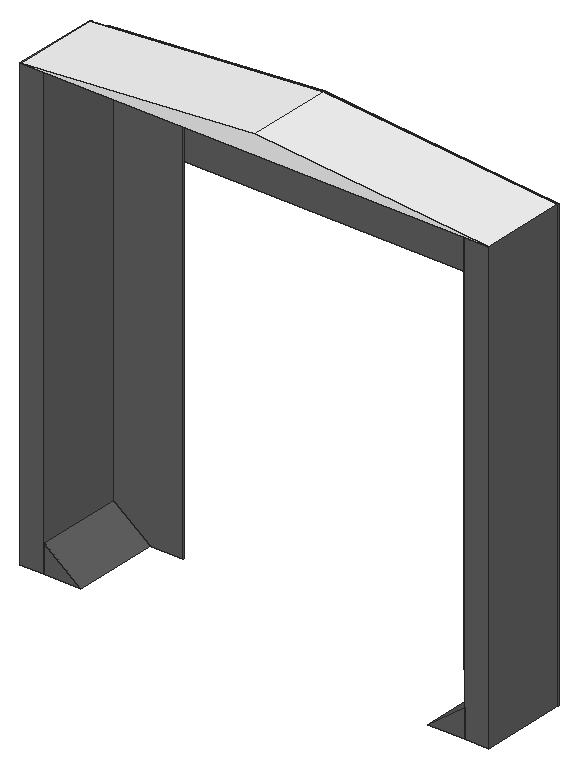
Revit family "S-2200 (FSR-1000)", category Generic Models, host Wall, Revit 2015
Parameters (values of type "12'-6" x 12'-6", Swing-In Projection")
  Width = 12' - 6"
  URL = "https://www.entrematic.us/en/ent/entrematicus/"
  Height = 12' - 6"
  Projection = 2' - 4"
  Opening = 7' - 6"
  Model = "S-2200 Ultra Dock (FSR-1000 Foamside)"
  Manufacturer = "Entrematic"
  DropCurtain = 3' - 0"
  Description = "Foamside Dock Shelter"
  CurtainW = Width - 1' 0"  # 11' - 6"
Types (5): name | Width | Height | Projection | CurtainW
  (no name) | 12' - 6" | 12' - 6" | 2' - 4" | 11' - 6"
  11'-6" x 11', Standard Projection | 11' - 6" | 11' - 0" | 1' - 6" | 10' - 6"
  11'-6" x 11', Swing-In Projection | 11' - 6" | 11' - 0" | 2' - 4" | 10' - 6"
  12'-6" x 12'-6", Swing-In Projection | 12' - 6" | 12' - 6" | 2' - 4" | 11' - 6"
  12'-6" x 12'-6", Standard Projection | 12' - 6" | 12' - 6" | 1' - 6" | 11' - 6"
Reference planes (in)
  plane 1: y = 0
  plane 2 "Center (Left/Right)": x = 0
  plane 3 "Wall Edge": y = 3
  plane 4: x = -45
  plane 5: x = -75
  plane 6: x = 45
  plane 7: x = 75
  plane 8: z = 150
  plane 9: z = 144
  plane 10: y = 31
  plane 11: y = 3
  plane 12: y = 31.03125
  plane 13: z = 7.5
  plane 14: z = 16
  plane 15: x = 48
  plane 16: x = 51
  plane 17: x = -51
  plane 18: x = -48
  plane 19: z = 114
  plane 20: y = 30.75
  plane 21: x = 67.5
  plane 22: x = -67.5
  plane 23: z = 9
  plane 24: x = -55.5
  plane 25: z = 9
  plane 26: x = 55.5
  plane 27: x = -69
  plane 28: x = 69
  plane 29: y = 31.25
  plane 30: x = 87
Forms (in)
  Extrusion 1, solid, material "Guide Stripe"
    sketch origin (0, 3, 0) x (1, 0, 0) y (0, 0, 1)
      loop
        line (51, 7.5) -> (51, 16) -> (48, 16) -> (48, 7.5) -> (51, 7.5)
      loop
        line (-51, 7.5) -> (-48, 7.5) -> (-48, 16) -> (-51, 16) -> (-51, 7.5)
    from -28.03125 to -28
  Extrusion 2, solid, material "Black Vinyl"
    sketch origin (0, 3, 0) x (1, 0, 0) y (0, 0, 1)
      loop
        line (75, 144) -> (67.5, 144) -> (67.5, 0) -> (75, 0) -> (75, 144)
      loop
        line (-67.5, 144) -> (-75, 144) -> (-75, 0) -> (-67.5, 0) -> (-67.5, 144)
    from -27.75 to 0
  Extrusion 3, solid, material "Black Vinyl"
    sketch origin (0, 3, 0) x (1, 0, 0) y (0, 0, 1)
      loop
        line (75, 0) -> (75, 144) -> (0, 150) -> (-75, 144) -> (-75, 0) -> (-45, 0) -> (-45, 144) -> (45, 144) -> (45, 0) -> (75, 0)
    from -28 to -27.75
  Extrusion 4, solid, material "White Vinyl"
    sketch origin (0, 3, 0) x (1, 0, 0) y (0, 0, 1)
      loop
        line (75, 144) -> (0, 150) -> (-75, 144) -> (75, 144)
    from -27.75 to 0
  Extrusion 5, solid, material "Black Vinyl"
    sketch origin (0, 3, 0) x (1, 0, 0) y (0, 0, 1)
      loop
        line (-67.5, 9) -> (-67.5, 0) -> (-55.5, 0) -> (-67.5, 9)
      loop
        line (67.5, 9) -> (55.5, 0) -> (67.5, 0) -> (67.5, 9)
    from -27.75 to 0
  Extrusion 6, solid, material "Black Vinyl"
    sketch origin (0, 3, 0) x (1, 0, 0) y (0, 0, 1)
      loop
        line (69, 144.48) -> (0, 150) -> (-69, 144.48) -> (-69, 114) -> (69, 114) -> (69, 144.48)
    from -28 to -28.25
Text (in)
  text "Placement Side" at (0, 40.15149, 123.01588), in view "Right"
  text "Placement Side" at (-70.3804, 74.20961, 0), in view "Ref. Level"
  text "Placement Side" at (0, 127.63899, 140.59947), in view "Left"
Dimensions and locks (in)
  locked: plane 3 "Wall Edge" to host wall
  equal spacing: plane 6, plane 2 "Center (Left/Right)", plane 4
  equal spacing: plane 7, plane 2 "Center (Left/Right)", plane 5
  "Projection": plane 10 to plane 11
  plane 12 to plane 10 = 0' - 0 1/32"
  level to Extrusion 1 = 1' - 4"
  plane 16 to plane 15 to plane 6 = 0' - 3" locked, 0' - 3" locked
  plane 17 to plane 18 to plane 4 = 0' - 3" locked, 0' - 3" locked
  locked: plane 13 to plane 14 at 8.5
  locked: level to plane 13 at 7.5
  "Width": plane 7 to plane 5
  "Opening": plane 6 to plane 4
  "Height": level to plane 8
  locked: plane 9 to plane 8 at 6
  "DropCurtain": plane 19 to plane 8
  locked: plane 20 to plane 10 at 0.25
  locked: plane 21 to plane 7 at 7.5
  locked: plane 5 to plane 22 at 7.5
  locked: plane 23 to level at 9
  locked: plane 25 to level at 9
  locked: plane 24 to plane 22 at 12
  locked: plane 21 to plane 26 at 12
  equal spacing: plane 27, plane 2 "Center (Left/Right)", plane 28
  "CurtainW": plane 27 to plane 28
  locked: plane 29 to plane 10 at 0.25
  locked: plane 30 to plane 2 "Center (Left/Right)" at 87
  aligned and locked: plane 11 to host wall
  aligned and locked: Extrusion 1 to plane 10
  aligned and locked: plane 12 to Extrusion 1
  aligned and locked: plane 15 to Extrusion 1 sketch curve
  aligned and locked: Extrusion 1 sketch curve to plane 16
  aligned and locked: Extrusion 1 sketch curve to plane 13
  aligned and locked: Extrusion 1 sketch curve to plane 14
  aligned and locked: plane 13 to Extrusion 1 sketch curve
  aligned and locked: Extrusion 1 sketch curve to plane 17
  aligned and locked: plane 18 to Extrusion 1 sketch curve
  aligned and locked: plane 14 to Extrusion 1 sketch curve
  aligned and locked: plane 9 to Extrusion 2 sketch curve
  aligned and locked: plane 22 to Extrusion 2 sketch curve
  aligned and locked: Extrusion 2 sketch curve to level
  aligned and locked: Extrusion 2 sketch curve to plane 5
  aligned and locked: Extrusion 2 sketch curve to plane 7
  aligned and locked: plane 21 to Extrusion 2 sketch curve
  aligned and locked: Extrusion 2 sketch curve to plane 9
  aligned and locked: level to Extrusion 2 sketch curve
  aligned and locked: Extrusion 2 to plane 20
  aligned and locked: Extrusion 2 to plane 11
  aligned and locked: Extrusion 3 sketch curve to level  (x2)
  aligned and locked: Extrusion 3 sketch curve to plane 5
  aligned and locked: plane 7 to Extrusion 3 sketch curve
  aligned and locked: Extrusion 3 sketch curve to plane 6
  aligned and locked: plane 4 to Extrusion 3 sketch curve
  aligned and locked: Extrusion 3 to plane 10
  aligned and locked: Extrusion 3 to plane 20
  aligned and locked: plane 8 to Extrusion 4 sketch curve
  aligned and locked: plane 5 to Extrusion 4 sketch curve
  aligned and locked: plane 7 to Extrusion 4 sketch curve
  aligned and locked: Extrusion 4 sketch curve to plane 9
  aligned and locked: Extrusion 3 to Extrusion 4  (x2)
  aligned and locked: plane 20 to Extrusion 4
  aligned and locked: Extrusion 4 to plane 3 "Wall Edge"
  aligned and locked: Extrusion 5 sketch curve to plane 22
  aligned and locked: Extrusion 5 sketch curve to level
  aligned and locked: plane 24 to Extrusion 5 sketch curve
  aligned and locked: level to Extrusion 5 sketch curve
  aligned and locked: Extrusion 5 sketch curve to plane 21
  aligned and locked: plane 25 to Extrusion 5 sketch curve
  aligned and locked: plane 26 to Extrusion 5 sketch curve
  aligned and locked: plane 3 "Wall Edge" to Extrusion 5
  aligned and locked: plane 20 to Extrusion 5
  aligned and locked: plane 9 to Extrusion 3 sketch curve
  aligned and locked: Extrusion 6 sketch curve to Extrusion 3
  aligned and locked: Extrusion 3 to Extrusion 6 sketch curve
  aligned and locked: plane 27 to Extrusion 6 sketch curve
  aligned and locked: Extrusion 6 sketch curve to plane 28
  aligned and locked: Extrusion 6 sketch curve to plane 19
  aligned and locked: Extrusion 6 to plane 10
  aligned and locked: Extrusion 6 to plane 29
Automatic sketch dimensions
  Extrusion 4 sketch curve to plane 2 "Center (Left/Right)" = 0' - 0"
  Extrusion 5 sketch curve to plane 23 = 0' - 0"
  Extrusion 3 sketch curve to plane 2 "Center (Left/Right)" = 0' - 0"
  Extrusion 3 sketch curve to plane 9 = 0' - 0"  (x2)
  Extrusion 3 sketch curve to plane 8 = 0' - 0"
